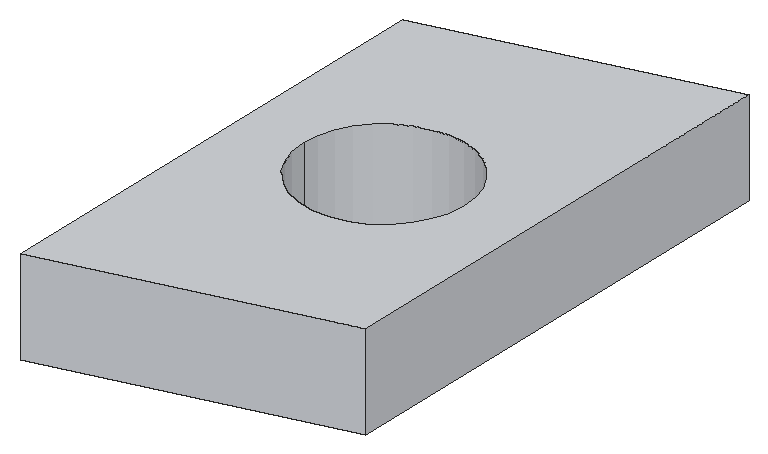
Revit family "Gewindeplatte 38x17", category HLS-Bauteile, Revit 2017
Family settings
  Bemaßung runder Anschluss = Durchmesser verwenden
  Teiletyp = Normal
  Arbeitsebenenbasiert = Ja
  Immer vertikal = Nein
  Beim Laden mit Abzugskörper schneiden = Nein
  Gemeinsam genutzt = Ja
  Raumberechnungspunkt = Nein
Parameters
  vpe = "100 St"
  für Gewinde = ""
  d2 = 5.1 mm
  Default Elevation = 1219.2 mm
  Stärke = 0 mm
  Regelhalter [instance] = ""
  Profiltyp = "35, Stex 35"
  Oberflaeche = "galvanisch verzinkt"
  Mengeneinheit = "St"
  Materialname = "S235"
  Material = "Stahl"
  Länge = 35 mm
  Lochdurchmesser = ""
  Kurztext2 = "M12 38x17 gvz"
  Kurztext1 = "Gewindeplatte"
  Gewicht pro Bauteil = Gewicht  # 0.0212 kg
  Gewicht = 0.0212 kg
  Firma = "MEFA Befestigungs- und Montagesysteme GmbH"
  Fabrikat = "MEFA"
  EAN = "4250928417152"
  Breite = 18 mm
  Artikelnummer = "0750093"
Types (4, lengths in mm): name | d2 | Kurztext2 | Gewicht pro Bauteil | Gewicht | EAN | Artikelnummer
  (no name) | 5.1 | "M12 38x17 gvz" | 0.0212 kg | 0.0212 kg | "4250928417152" | "0750093"
  MEFA Gewindeplatte 38x17 M10 | 4.2 | "M10 38x17 gvz" | 0.0225 kg | 0.0225 kg | "4250928417145" | "0750085"
  MEFA Gewindeplatte 38x17 M 8 | 3.3 | "M8 38x17 gvz" | 0.0235 kg | 0.0235 kg | "4250928417138" | "0750077"
  MEFA Gewindeplatte 38x17 M12 | 5.1 | "M12 38x17 gvz" | 0.0212 kg | 0.0212 kg | "4250928417152" | "0750093"
Reference planes
  plane 1 "Mitte (Vorne/hinten)": y = 0
  plane 2: z = 0
  plane 3 "Mitte (Links/rechts)": x = 0
Forms (mm)
  Extrusion 1, solid, detail levels fine
    sketch origin (-17.5, 0, 0) x (1, 0, 0) y (0, 1, 0)
      loop
        line (8.5, 12.677) -> (8.5, -17.5) -> (26.5, -12.677) -> (26.5, 17.5) -> (8.5, 12.677)
    from 0 to 6
  Extrusion 2, solid, detail levels coarse+medium
    sketch origin (-17.5, 0, 0) x (1, 0, 0) y (0, 1, 0)
      loop
        line (8.5, 12.677) -> (8.5, -17.5) -> (26.5, -12.677) -> (26.5, 17.5) -> (8.5, 12.677)
    from 0 to 6
  Extrusion 3, void
    sketch origin (0, 0, 0) x (1, 0, 0) y (0, 1, 0)
      loop
        circle (0, 0) r 5.1
    from 0 to 250
Cuts and joins
  Extrusion 3 cuts Extrusion 1
  Extrusion 3 cuts Extrusion 2
Lines and regions (mm)
  model lines
    curve 1: line (-10, 0, 0) -> (10, 0, 0)
    curve 2: line (0, 10, 0) -> (0, -10, 0)
    curve 3: line (0, 0, 10) -> (0, 0, -10)
Dimensions and locks
  "d2": radius of Extrusion 3 sketch curve
  aligned and locked: level to plane 2
Automatic sketch dimensions
  Extrusion 1 sketch curve to plane 3 "Mitte (Links/rechts)" = 9 mm
  plane 3 "Mitte (Links/rechts)" to Extrusion 1 sketch curve = 9 mm
  plane 1 "Mitte (Vorne/hinten)" to Extrusion 1 sketch curve = 17.5 mm
  plane 1 "Mitte (Vorne/hinten)" to Extrusion 1 sketch curve = 12.677 mm
  Extrusion 1 sketch curve to plane 1 "Mitte (Vorne/hinten)" = 12.677 mm
  Extrusion 1 sketch curve to plane 1 "Mitte (Vorne/hinten)" = 17.5 mm
  Extrusion 2 sketch curve to plane 3 "Mitte (Links/rechts)" = 9 mm
  plane 3 "Mitte (Links/rechts)" to Extrusion 2 sketch curve = 9 mm
  plane 1 "Mitte (Vorne/hinten)" to Extrusion 2 sketch curve = 17.5 mm
  plane 1 "Mitte (Vorne/hinten)" to Extrusion 2 sketch curve = 12.677 mm
  Extrusion 2 sketch curve to plane 1 "Mitte (Vorne/hinten)" = 12.677 mm
  Extrusion 2 sketch curve to plane 1 "Mitte (Vorne/hinten)" = 17.5 mm
  plane 1 "Mitte (Vorne/hinten)" to Extrusion 3 sketch curve = 0 mm
  Extrusion 3 sketch curve to plane 3 "Mitte (Links/rechts)" = 0 mm
  plane 1 "Mitte (Vorne/hinten)" to curve 1 = 0 mm
  curve 2 to plane 3 "Mitte (Links/rechts)" = 0 mm
  curve 1 to plane 3 "Mitte (Links/rechts)" = 10 mm
  plane 3 "Mitte (Links/rechts)" to curve 1 = 10 mm
  plane 1 "Mitte (Vorne/hinten)" to curve 2 = 10 mm
  curve 2 to plane 1 "Mitte (Vorne/hinten)" = 10 mm
  curve 3 to plane 3 "Mitte (Links/rechts)" = 0 mm
  curve 3 to level = 10 mm
  level to curve 3 = 10 mm
